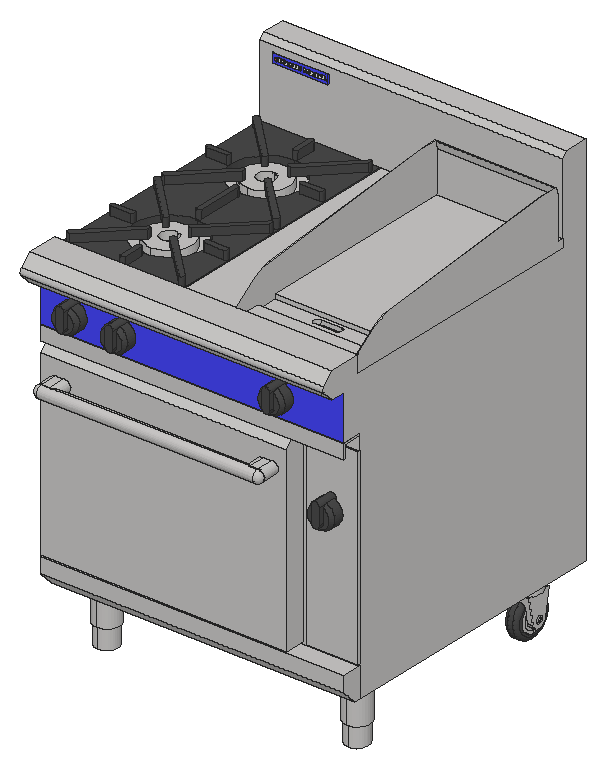
Revit family "QF_MOFFAT_BLUESEAL_CE_G54C", category Specialty Equipment, Revit 2012
Parameters
  Width = 750 mm  # constant formula
  Weight in Pounds = 399
  Watts = 130 W
  Volts = 230 V
  URL Cutsheet = "www.moffat.com"
  URL = "www.moffat.com"
  Type Mark [instance] = ""
  Status [instance] = ""
  Specification by User [instance] = ""
  Specification by Manufacturer = ""
  Show Logo [instance] = yes
  Show Clearance [instance] = yes
  Show Casters [instance] = yes
  Serial Number = ""
  Seismic Rating = ""
  SMACNA No = ""
  Revision Code [instance] = ""
  Phase = 1
  Omniclass Number and Title = ""
  Number of Poles [instance] = 1
  NAFEM Spec ID Number = ""
  Model = "G54C"
  Min Ckt Ampacity = 0 A
  Mechanical Remarks [instance] = ""
  Mechanical Connection Type [instance] = ""
  Max Overcurrent Protection = 0 A
  Masterspec = ""
  Manufacturer = "MOFFAT BLUESEAL"
  Legs [instance] = not(Show Casters)  # no
  Item Number [instance] = ""
  Installed By [instance] = ""
  Identify Quantity as Lot [instance] = yes
  Height = 1085 mm  # constant formula
  HP = ""
  Gas Size = 3/4"
  Gas RI Height [instance] = 0 mm
  Gas KW [instance] = 29
  Gas Input [instance] = 98500.0 Btu/h
  Gas Connection Height = 0 mm
  Furnished By [instance] = ""
  Foodservice Equipment Identifier [instance] = yes
  FL Amps = 0.6 A
  Electrical Remarks = ""
  Electric Connection Type = ""
  Elec Conn RI Height = 0 mm
  Elec Conn Connection Height = 0 mm
  Description = "750MM GAS RANGE WITH CONVECTION OVEN"
  Depth = 812 mm  # constant formula
  Cycle = 60 Hz
  Conn Plug = ""
  Conn Conduit = yes
  CSI MasterFormat = ""
  CSI Master Format = ""
  Apparent Power = 0 VA
Reference planes
  plane 1 "BACK": y = 0
  plane 2: z = 0
  plane 3 "LEFT": x = 0
  plane 4 "RIGHT": x = 750
  plane 5 "FRONT": y = -812
  plane 6 "TOP": z = 970
  plane 7 "Center Y": x = 375
  plane 8 "Center X": y = -406
  plane 9: y = -100
  plane 10 "Base Height": z = 150
  plane 11: x = 65.8
  plane 12: x = 620
  plane 13: x = 685
  plane 14: y = -500
  plane 15: x = 676
  plane 16: z = 1085
Forms (mm)
  Extrusion 1, solid, material "QF_Finishes_Stainless Steel"
    sketch origin (0, 0, 0) x (0, 1, 0) y (0, 0, 1)
      loop
        line (-784.97, 850) -> (-749, 850) -> (-749, 740) -> (-699, 740) -> (-699, 150) -> (0, 150) -> (0, 1085) -> (-57.5, 1085) -> (-70, 1072.5) -> (-70, 875) -> (-705, 875) -> (-705, 915) -> (-783.97, 915) -> (-808.469, 890.501)
        arc (-808.469, 890.501) -> (-811.99, 882) -> (-808.469, 873.499) r 12.022
        line (-808.469, 873.499) -> (-784.97, 850)
    from 0 to 750
  Extrusion 2, solid, material "QF_Finishes_Stainless Steel"
    sketch origin (555.062, 3, 100) x (1, 0, 0) y (0, 1, 0)
      loop
        circle (65, -35) r 13.5
    from 555 to 640
  Revolve 3, solid, material "QF_Finishes_Stainless Steel"
    sketch origin (65, -728, 0) x (0, 1, 0) y (0, 0, 1)
      loop
        line (71.25, 150) -> (71.25, 50) -> (75.5, 50) -> (75.5, 0) -> (103, 0) -> (103, 150) -> (71.25, 150)
      axis (103, 150) -> (103, 0)
    angle from 0 to 360
  Extrusion 4, solid, material "QF_Finishes_Black"
    sketch origin (0, -70, 875) x (0, -1, 0) y (1, 0, 0)
      loop
        arc (1, 4) -> (1.879, 1.879) -> (4, 1) r 3
        line (4, 1) -> (632, 1)
        arc (632, 1) -> (634.121, 1.879) -> (635, 4) r 3
        line (635, 4) -> (635, 297)
        arc (635, 297) -> (634.121, 299.121) -> (632, 300) r 3
        line (632, 300) -> (4, 300)
        arc (4, 300) -> (1.879, 299.121) -> (1, 297) r 3
        line (1, 297) -> (1, 4)
      loop
        circle (167.5, 150) r 85
      loop
        circle (467.768, 150) r 85
    from 0 to 19.5
  Extrusion 5, solid, material "QF_Finishes_Black"
    sketch origin (0, -73.5, 894.5) x (0, -1, 0) y (1, 0, 0)
      loop
        spline (323.602, 15.153) -> (322.681, 13.924) -> (322.131, 12.47) -> (321.99, 10.89) -> (322.267, 9.292) -> (322.943, 7.786) -> (323.973, 6.473) -> (325.286, 5.443) -> (326.792, 4.767) -> (328.39, 4.49) -> (329.97, 4.631) -> (331.424, 5.181) -> (332.653, 6.102)
        line (332.653, 6.102) -> (440.576, 114.025)
        spline (440.576, 114.025) -> (441.337, 115.095) -> (441.738, 116.399) -> (441.751, 117.851) -> (441.375, 119.35) -> (440.637, 120.795) -> (439.586, 122.086) -> (438.295, 123.137) -> (436.85, 123.875) -> (435.351, 124.251) -> (433.899, 124.238) -> (432.595, 123.837) -> (431.525, 123.076)
        line (431.525, 123.076) -> (323.602, 15.153)
      loop
        spline (371.852, 143.6) -> (373.146, 143.818) -> (374.352, 144.457) -> (375.388, 145.475) -> (376.182, 146.8) -> (376.682, 148.344) -> (376.852, 150) -> (376.682, 151.656) -> (376.182, 153.2) -> (375.388, 154.525) -> (374.352, 155.543) -> (373.146, 156.182) -> (371.852, 156.4)
        line (371.852, 156.4) -> (259.398, 156.4)
        spline (259.398, 156.4) -> (258.104, 156.182) -> (256.898, 155.543) -> (255.862, 154.525) -> (255.068, 153.2) -> (254.568, 151.656) -> (254.398, 150) -> (254.568, 148.344) -> (255.068, 146.8) -> (255.862, 145.475) -> (256.898, 144.457) -> (258.104, 143.818) -> (259.398, 143.6)
        line (259.398, 143.6) -> (371.852, 143.6)
      loop
        line (311.398, 15.153) -> (203.475, 123.076)
        spline (203.475, 123.076) -> (202.405, 123.837) -> (201.101, 124.238) -> (199.649, 124.251) -> (198.15, 123.875) -> (196.705, 123.137) -> (195.414, 122.086) -> (194.363, 120.795) -> (193.625, 119.35) -> (193.249, 117.851) -> (193.262, 116.399) -> (193.663, 115.095) -> (194.424, 114.025)
        line (194.424, 114.025) -> (302.347, 6.102)
        spline (302.347, 6.102) -> (303.416, 5.341) -> (304.721, 4.941) -> (306.172, 4.928) -> (307.671, 5.303) -> (309.116, 6.041) -> (310.408, 7.092) -> (311.459, 8.384) -> (312.197, 9.829) -> (312.572, 11.328) -> (312.559, 12.779) -> (312.159, 14.084) -> (311.398, 15.153)
      loop
        line (323.602, 284.847) -> (431.525, 176.924)
        spline (431.525, 176.924) -> (432.595, 176.163) -> (433.899, 175.762) -> (435.351, 175.749) -> (436.85, 176.125) -> (438.295, 176.863) -> (439.586, 177.914) -> (440.637, 179.205) -> (441.375, 180.65) -> (441.751, 182.149) -> (441.738, 183.601) -> (441.337, 184.905) -> (440.576, 185.975)
        line (440.576, 185.975) -> (332.653, 293.898)
        spline (332.653, 293.898) -> (331.424, 294.819) -> (329.97, 295.369) -> (328.39, 295.51) -> (326.792, 295.233) -> (325.286, 294.557) -> (323.973, 293.527) -> (322.943, 292.214) -> (322.267, 290.708) -> (321.99, 289.11) -> (322.131, 287.53) -> (322.681, 286.076) -> (323.602, 284.847)
      loop
        spline (311.398, 284.847) -> (312.159, 285.916) -> (312.559, 287.221) -> (312.572, 288.672) -> (312.197, 290.171) -> (311.459, 291.616) -> (310.408, 292.908) -> (309.116, 293.959) -> (307.671, 294.697) -> (306.172, 295.072) -> (304.721, 295.059) -> (303.416, 294.659) -> (302.347, 293.898)
        line (302.347, 293.898) -> (194.424, 185.975)
        spline (194.424, 185.975) -> (193.663, 184.905) -> (193.262, 183.601) -> (193.249, 182.149) -> (193.625, 180.65) -> (194.363, 179.205) -> (195.414, 177.914) -> (196.705, 176.863) -> (198.15, 176.125) -> (199.649, 175.749) -> (201.101, 175.762) -> (202.405, 176.163) -> (203.475, 176.924)
        line (203.475, 176.924) -> (311.398, 284.847)
      loop
        spline (73.549, 143.6) -> (74.844, 143.818) -> (76.049, 144.457) -> (77.085, 145.475) -> (77.88, 146.8) -> (78.379, 148.344) -> (78.549, 150) -> (78.379, 151.656) -> (77.88, 153.2) -> (77.085, 154.525) -> (76.049, 155.543) -> (74.844, 156.182) -> (73.549, 156.4)
        line (73.549, 156.4) -> (25.093, 156.4)
        spline (25.093, 156.4) -> (23.799, 156.182) -> (22.593, 155.543) -> (21.558, 154.525) -> (20.763, 153.2) -> (20.264, 151.656) -> (20.093, 150) -> (20.264, 148.344) -> (20.763, 146.8) -> (21.558, 145.475) -> (22.593, 144.457) -> (23.799, 143.818) -> (25.093, 143.6)
        line (25.093, 143.6) -> (73.549, 143.6)
      loop
        spline (608.1, 143.6) -> (609.394, 143.818) -> (610.6, 144.457) -> (611.636, 145.475) -> (612.43, 146.8) -> (612.93, 148.344) -> (613.1, 150) -> (612.93, 151.656) -> (612.43, 153.2) -> (611.636, 154.525) -> (610.6, 155.543) -> (609.394, 156.182) -> (608.1, 156.4)
        line (608.1, 156.4) -> (558.644, 156.4)
        spline (558.644, 156.4) -> (557.35, 156.182) -> (556.144, 155.543) -> (555.108, 154.525) -> (554.314, 153.2) -> (553.814, 151.656) -> (553.644, 150) -> (553.814, 148.344) -> (554.314, 146.8) -> (555.108, 145.475) -> (556.144, 144.457) -> (557.35, 143.818) -> (558.644, 143.6)
        line (558.644, 143.6) -> (608.1, 143.6)
      loop
        spline (457.6, 10.156) -> (457.818, 8.862) -> (458.457, 7.656) -> (459.475, 6.62) -> (460.8, 5.826) -> (462.344, 5.326) -> (464, 5.156) -> (465.656, 5.326) -> (467.2, 5.826) -> (468.525, 6.62) -> (469.543, 7.656) -> (470.182, 8.862) -> (470.4, 10.156)
        line (470.4, 10.156) -> (470.4, 58.612)
        spline (470.4, 58.612) -> (470.182, 59.906) -> (469.543, 61.112) -> (468.525, 62.148) -> (467.2, 62.942) -> (465.656, 63.442) -> (464, 63.612) -> (462.344, 63.442) -> (460.8, 62.942) -> (459.475, 62.148) -> (458.457, 61.112) -> (457.818, 59.906) -> (457.6, 58.612)
        line (457.6, 58.612) -> (457.6, 10.156)
      loop
        spline (160.966, 10.156) -> (161.184, 8.862) -> (161.823, 7.656) -> (162.841, 6.62) -> (164.166, 5.826) -> (165.71, 5.326) -> (167.366, 5.156) -> (169.022, 5.326) -> (170.566, 5.826) -> (171.892, 6.62) -> (172.909, 7.656) -> (173.548, 8.862) -> (173.766, 10.156)
        line (173.766, 10.156) -> (173.766, 58.612)
        spline (173.766, 58.612) -> (173.548, 59.906) -> (172.909, 61.112) -> (171.892, 62.148) -> (170.566, 62.942) -> (169.022, 63.442) -> (167.366, 63.612) -> (165.71, 63.442) -> (164.166, 62.942) -> (162.841, 62.148) -> (161.823, 61.112) -> (161.184, 59.906) -> (160.966, 58.612)
        line (160.966, 58.612) -> (160.966, 10.156)
      loop
        spline (457.6, 241.636) -> (457.818, 240.342) -> (458.457, 239.136) -> (459.475, 238.1) -> (460.8, 237.306) -> (462.344, 236.806) -> (464, 236.636) -> (465.656, 236.806) -> (467.2, 237.306) -> (468.525, 238.1) -> (469.543, 239.136) -> (470.182, 240.342) -> (470.4, 241.636)
        line (470.4, 241.636) -> (470.4, 290.092)
        spline (470.4, 290.092) -> (470.182, 291.386) -> (469.543, 292.592) -> (468.525, 293.628) -> (467.2, 294.422) -> (465.656, 294.922) -> (464, 295.092) -> (462.344, 294.922) -> (460.8, 294.422) -> (459.475, 293.628) -> (458.457, 292.592) -> (457.818, 291.386) -> (457.6, 290.092)
        line (457.6, 290.092) -> (457.6, 241.636)
      loop
        spline (160.966, 241.636) -> (161.184, 240.342) -> (161.823, 239.136) -> (162.841, 238.1) -> (164.166, 237.306) -> (165.71, 236.806) -> (167.366, 236.636) -> (169.022, 236.806) -> (170.566, 237.306) -> (171.892, 238.1) -> (172.909, 239.136) -> (173.548, 240.342) -> (173.766, 241.636)
        line (173.766, 241.636) -> (173.766, 290.092)
        spline (173.766, 290.092) -> (173.548, 291.386) -> (172.909, 292.592) -> (171.892, 293.628) -> (170.566, 294.422) -> (169.022, 294.922) -> (167.366, 295.092) -> (165.71, 294.922) -> (164.166, 294.422) -> (162.841, 293.628) -> (161.823, 292.592) -> (161.184, 291.386) -> (160.966, 290.092)
        line (160.966, 290.092) -> (160.966, 241.636)
      loop
        line (604.398, 15.153) -> (496.475, 123.076)
        spline (496.475, 123.076) -> (495.405, 123.837) -> (494.101, 124.238) -> (492.649, 124.251) -> (491.15, 123.875) -> (489.705, 123.137) -> (488.414, 122.086) -> (487.363, 120.795) -> (486.625, 119.35) -> (486.249, 117.851) -> (486.262, 116.399) -> (486.663, 115.095) -> (487.424, 114.025)
        line (487.424, 114.025) -> (595.347, 6.102)
        spline (595.347, 6.102) -> (596.576, 5.181) -> (598.03, 4.631) -> (599.61, 4.49) -> (601.208, 4.767) -> (602.714, 5.443) -> (604.027, 6.473) -> (605.057, 7.786) -> (605.733, 9.292) -> (606.01, 10.89) -> (605.869, 12.47) -> (605.319, 13.924) -> (604.398, 15.153)
      loop
        spline (604.398, 284.847) -> (605.319, 286.076) -> (605.869, 287.53) -> (606.01, 289.11) -> (605.733, 290.708) -> (605.057, 292.214) -> (604.027, 293.527) -> (602.714, 294.557) -> (601.208, 295.233) -> (599.61, 295.51) -> (598.03, 295.369) -> (596.576, 294.819) -> (595.347, 293.898)
        line (595.347, 293.898) -> (487.424, 185.975)
        spline (487.424, 185.975) -> (486.663, 184.905) -> (486.262, 183.601) -> (486.249, 182.149) -> (486.625, 180.65) -> (487.363, 179.205) -> (488.414, 177.914) -> (489.705, 176.863) -> (491.15, 176.125) -> (492.649, 175.749) -> (494.101, 175.762) -> (495.405, 176.163) -> (496.475, 176.924)
        line (496.475, 176.924) -> (604.398, 284.847)
      loop
        spline (16.602, 15.153) -> (15.841, 14.084) -> (15.441, 12.779) -> (15.428, 11.328) -> (15.803, 9.829) -> (16.541, 8.384) -> (17.592, 7.092) -> (18.884, 6.041) -> (20.329, 5.303) -> (21.828, 4.928) -> (23.279, 4.941) -> (24.584, 5.341) -> (25.653, 6.102)
        line (25.653, 6.102) -> (133.576, 114.025)
        spline (133.576, 114.025) -> (134.337, 115.095) -> (134.738, 116.399) -> (134.751, 117.851) -> (134.375, 119.35) -> (133.637, 120.795) -> (132.586, 122.086) -> (131.295, 123.137) -> (129.85, 123.875) -> (128.351, 124.251) -> (126.899, 124.238) -> (125.595, 123.837) -> (124.525, 123.076)
        line (124.525, 123.076) -> (16.602, 15.153)
      loop
        line (16.602, 284.847) -> (124.525, 176.924)
        spline (124.525, 176.924) -> (125.595, 176.163) -> (126.899, 175.762) -> (128.351, 175.749) -> (129.85, 176.125) -> (131.295, 176.863) -> (132.586, 177.914) -> (133.637, 179.205) -> (134.375, 180.65) -> (134.751, 182.149) -> (134.738, 183.601) -> (134.337, 184.905) -> (133.576, 185.975)
        line (133.576, 185.975) -> (25.653, 293.898)
        spline (25.653, 293.898) -> (24.584, 294.659) -> (23.279, 295.059) -> (21.828, 295.072) -> (20.329, 294.697) -> (18.884, 293.959) -> (17.592, 292.908) -> (16.541, 291.616) -> (15.803, 290.171) -> (15.428, 288.672) -> (15.441, 287.221) -> (15.841, 285.916) -> (16.602, 284.847)
    from 0 to 20.5
  Revolve 6, solid, material "QF_Finishes_Stainless Steel"
    sketch origin (685, -728, 0) x (0, 1, 0) y (0, 0, -1)
      loop
        line (71.25, -150) -> (103, -150) -> (103, 0) -> (75.5, 0) -> (75.5, -50) -> (71.25, -50) -> (71.25, -150)
      axis (103, -150) -> (103, 0)
    angle from 0 to 360
  Extrusion 7, solid, material "QF_Finishes_Stainless Steel"
    sketch origin (0, -70, 875) x (0, -1, 0) y (1, 0, 0)
      loop
        line (634, 300) -> (634, 450) -> (0, 450) -> (0, 300) -> (634, 300)
    from 0 to 19.5
  Extrusion 8, void
    sketch origin (0, -749, 227.5) x (0, 0, -1) y (-1, 0, 0)
      loop
        line (-465, -610) -> (-465, -625) -> (0, -625) -> (0, -610) -> (-465, -610)
    from 0 to 50
  Revolve 9, solid, material "QF_Finishes_Black"
    sketch origin (210, 7, 758.895) x (0, -1, 0) y (0, 0, 1)
      loop
        line (789, 69.605) -> (766, 69.605) -> (766, 42.105) -> (756, 42.105) -> (756, 37.105) -> (800, 37.105) -> (800, 63.757) -> (789, 69.605)
      axis (800, 37.105) -> (756, 37.105)
    angle from 0 to 360
  Revolve 10, solid, material "QF_Finishes_Black"
    sketch origin (89.999, 7, 758.768) x (0, 1, 0) y (0, 0, -1)
      loop
        line (-789, -69.5) -> (-766, -69.5) -> (-766, -42) -> (-756, -42) -> (-756, -37) -> (-800, -37) -> (-800, -63.651) -> (-789, -69.5)
      axis (-800, -37) -> (-756, -37)
    angle from 0 to 360
  Extrusion 11, solid, material "QF_Finishes_Black"
    sketch origin (228.269, 7, 758.926) x (-1, 0, 0) y (0, 0, -1)
      loop
        arc (148.269, -24.969) -> (138.269, -14.969) -> (128.269, -24.969) r 10
        line (128.269, -24.969) -> (128.269, -63.969)
        arc (128.269, -63.969) -> (138.269, -73.969) -> (148.269, -63.969) r 10
        line (148.269, -63.969) -> (148.269, -24.969)
    from 759 to 808
  Extrusion 12, solid, material "QF_Finishes_Black"
    sketch origin (349.45, 7, 758.926) x (-1, 0, 0) y (0, 0, -1)
      loop
        arc (148.269, -24.969) -> (138.269, -14.969) -> (128.269, -24.969) r 10
        line (128.269, -24.969) -> (128.269, -63.969)
        arc (128.269, -63.969) -> (138.269, -73.969) -> (148.269, -63.969) r 10
        line (148.269, -63.969) -> (148.269, -24.969)
    from 759 to 808
  Revolve 13, solid, material "QF_Finishes_Black"
    sketch origin (600, 7, 758.768) x (0, 1, 0) y (0, 0, 1)
      loop
        line (-789, 69.5) -> (-800, 63.651) -> (-800, 37) -> (-756, 37) -> (-756, 42) -> (-766, 42) -> (-766, 69.5) -> (-789, 69.5)
      axis (-800, 37) -> (-756, 37)
    angle from 0 to 360
  Extrusion 14, solid, material "QF_Finishes_Black"
    sketch origin (461.73, 7, 758.926) x (1, 0, 0) y (0, 0, 1)
      loop
        line (148.269, 24.969) -> (148.269, 63.969)
        arc (148.269, 63.969) -> (138.269, 73.969) -> (128.269, 63.969) r 10
        line (128.269, 63.969) -> (128.269, 24.969)
        arc (128.269, 24.969) -> (138.269, 14.969) -> (148.269, 24.969) r 10
    from 759 to 808
  Revolve 15, solid, material "QF_Finishes_Black"
    sketch origin (687.53, 51.5, 355.134) x (0, 1, 0) y (0, 0, 1)
      loop
        line (-789, 229.5) -> (-800, 223.651) -> (-800, 197) -> (-756, 197) -> (-756, 202) -> (-766, 202) -> (-766, 229.5) -> (-789, 229.5)
      axis (-800, 197) -> (-756, 197)
    angle from 0 to 360
  Extrusion 16, solid, material "QF_Finishes_Black"
    sketch origin (549.26, 51.5, 355.292) x (1, 0, 0) y (0, 0, 1)
      loop
        line (148.269, 184.969) -> (148.269, 223.969)
        arc (148.269, 223.969) -> (138.269, 233.969) -> (128.269, 223.969) r 10
        line (128.269, 223.969) -> (128.269, 184.969)
        arc (128.269, 184.969) -> (138.269, 174.969) -> (148.269, 184.969) r 10
    from 759 to 808
  Extrusion 17, solid, material "QF_Door-Drawer Clearances", visible <- "Show Clearance", detail levels coarse
    sketch origin (0, 7, 0) x (0, -1, 0) y (0, 0, 1)
      loop
        line (756, 690.016) -> (756, 227.5) -> (1218.516, 227.5)
        arc (1218.516, 227.5) -> (1083.048, 554.548) -> (756, 690.016) r 462.516
    from 0 to -610
  Extrusion 18, void
    sketch origin (0, 0, 150) x (-1, 0, 0) y (0, -1, 0)
      loop
        line (-681, 87.26) -> (-681, -30.24) -> (-551.5, -30.24) -> (-551.5, 38.76) -> (-600, 87.26) -> (-681, 87.26)
    from 72.5 to 590
  Extrusion 19, void
    sketch origin (35, -740, 227.5) x (0, 0, -1) y (-1, 0, 0)
      loop
        line (-472.5, -590) -> (-472.5, -715) -> (0, -715) -> (0, -590) -> (-472.5, -590)
    from -9 to 35
  Extrusion 20, solid, material "QF_Finishes_Stainless Steel"
    sketch origin (0, -70, 875) x (0, -1, 0) y (1, 0, 0)
      loop
        circle (467.5, 150) r 57
      loop
        circle (167.5, 150) r 57
      loop
        circle (467.5, 150) r 22
      loop
        circle (167.5, 150) r 22
    from 0 to 19.5
  Extrusion 21, solid, material "QF_Finishes_Stainless Steel"
    sketch origin (0, -749, 227.5) x (0, 0, 1) y (-1, 0, 0)
      loop
        line (380.625, -38.246) -> (380.625, -58.528)
        arc (380.625, -58.528) -> (395.625, -73.528) -> (410.625, -58.528) r 15
        line (410.625, -58.528) -> (410.625, -38.246)
        arc (410.625, -38.246) -> (395.625, -23.246) -> (380.625, -38.246) r 15
      loop
        arc (380.625, -573.039) -> (395.625, -588.039) -> (410.625, -573.039) r 15
        line (410.625, -573.039) -> (410.625, -552.757)
        arc (410.625, -552.757) -> (395.625, -537.757) -> (380.625, -552.757) r 15
        line (380.625, -552.757) -> (380.625, -573.039)
    from 0 to 44
  Revolve 22, solid, material "QF_Finishes_Stainless Steel"
    sketch origin (0, -793, 0) x (1, 0, 0) y (0, 0, 1)
      loop
        arc (588.039, 623.125) -> (583.646, 633.732) -> (573.039, 638.125) r 15
        line (573.039, 638.125) -> (38.246, 638.125)
        arc (38.246, 638.125) -> (27.64, 633.732) -> (23.246, 623.125) r 15
        line (23.246, 623.125) -> (588.039, 623.125)
      axis (588.039, 623.125) -> (23.246, 623.125)
    angle from 0 to 360
  Extrusion 23, solid, material "QF_Finishes_Stainless Steel"
    sketch origin (0, 9, 0) x (0, 1, 0) y (0, 0, 1)
      loop
        line (-708, 227.5) -> (-708, 700) -> (-734, 700) -> (-758, 676) -> (-758, 227.5) -> (-708, 227.5)
    from 0 to 750
  Extrusion 24, solid, material "QF_Finishes_Stainless Steel"
    sketch origin (0, 7, 0) x (0, 1, 0) y (0, 0, 1)
      loop
        line (-756, 738) -> (-756, 703) -> (-752.98, 703) -> (-752.98, 735) -> (-708, 735) -> (-708, 738) -> (-756, 738)
    from 0 to 750
  Extrusion 25, solid, material "QF_Finishes_Stainless Steel"
    sketch origin (0, 9, 0) x (0, 1, 0) y (0, 0, 1)
      loop
        line (-708, 222.5) -> (-758, 222.5) -> (-758, 186) -> (-722, 150) -> (-708, 150) -> (-708, 222.5)
    from 0 to 750
  Extrusion 26, solid, material "QF_Finishes_Stainless Steel"
    sketch origin (0, 0, 150) x (-1, 0, 0) y (0, -1, 0)
      loop
        circle (-676, 501) r 6.35
    from 0 to -1.6
  Extrusion 27, solid, material "QF_Finishes_Stainless Steel", visible <- "Show Casters"
    sketch origin (71.501, 133.353, -8.783) x (0, 1, 0) y (0, 0, 1)
      loop
        line (-201.603, 118.783) -> (-265.103, 118.783) -> (-252.746, 53.895)
        arc (-252.746, 53.895) -> (-233.353, 38.783) -> (-213.959, 53.895) r 20
        line (-213.959, 53.895) -> (-201.603, 118.783)
    from -35.667 to 22.923
  Revolve 28, solid, material "QF_Finishes_Stainless Steel", visible <- "Show Casters"
    sketch origin (65, -203, 0) x (0, 1, 0) y (0, 0, 1)
      loop
        line (67.25, 150) -> (67.25, 110) -> (103, 110) -> (103, 150) -> (67.25, 150)
      axis (103, 150) -> (103, 110)
    angle from 0 to 360
  Revolve 29, solid, material "QF_Finishes_Stainless Steel", visible <- "Show Casters"
    sketch origin (685, -203, 0) x (0, 1, 0) y (0, 0, -1)
      loop
        line (67.25, -150) -> (103, -150) -> (103, -110) -> (67.25, -110) -> (67.25, -150)
      axis (103, -150) -> (103, -110)
    angle from 0 to 360
  Revolve 30, solid, material "QF_Finishes_Stainless Steel", visible <- "Show Casters"
    sketch origin (635.776, -99.755, -13.653) x (1, 0, 0) y (0, 0, 1)
      loop
        line (14.841, 64.453) -> (83.584, 64.453) -> (83.584, 67.958) -> (82.314, 69.228) -> (80.79, 69.228) -> (80.79, 72.674) -> (68.644, 72.674) -> (68.644, 82.639) -> (65.088, 84.692) -> (63.738, 93.028) -> (65.881, 93.028) -> (65.881, 99.378) -> (65.088, 99.378) -> (65.088, 105.728)
        arc (65.088, 105.728) -> (62.298, 112.463) -> (55.563, 115.253) r 9.525
        line (55.563, 115.253) -> (42.863, 115.253)
        arc (42.863, 115.253) -> (36.127, 112.463) -> (33.338, 105.728) r 9.525
        line (33.338, 105.728) -> (33.338, 99.378) -> (32.544, 99.378) -> (32.544, 93.028) -> (34.687, 93.028) -> (33.352, 84.781) -> (29.782, 82.719) -> (29.782, 72.674) -> (17.635, 72.674) -> (17.635, 69.228) -> (16.111, 69.228) -> (14.841, 67.958) -> (14.841, 64.453)
      axis (14.841, 64.453) -> (83.584, 64.453)
    angle from 0 to 360
  Extrusion 31, solid, material "QF_Finishes_Stainless Steel", visible <- "Show Casters"
    sketch origin (691.501, 133.353, -8.783) x (0, 1, 0) y (0, 0, 1)
      loop
        line (-201.603, 118.783) -> (-265.103, 118.783) -> (-252.746, 53.895)
        arc (-252.746, 53.895) -> (-233.353, 38.783) -> (-213.959, 53.895) r 20
        line (-213.959, 53.895) -> (-201.603, 118.783)
    from -35.667 to 22.923
  Revolve 32, solid, material "QF_Finishes_Stainless Steel", visible <- "Legs"
    sketch origin (65, -165, 0) x (0, 1, 0) y (0, 0, 1)
      loop
        line (33.25, 150) -> (33.25, 50) -> (37.5, 50) -> (37.5, 0) -> (65, 0) -> (65, 150) -> (33.25, 150)
      axis (65, 150) -> (65, 0)
    angle from 0 to 360
  Revolve 33, solid, material "QF_Finishes_Stainless Steel", visible <- "Legs"
    sketch origin (685, -165, 0) x (0, 1, 0) y (0, 0, -1)
      loop
        line (33.25, -150) -> (65, -150) -> (65, 0) -> (37.5, 0) -> (37.5, -50) -> (33.25, -50) -> (33.25, -150)
      axis (65, -150) -> (65, 0)
    angle from 0 to 360
  Revolve 34, solid, material "QF_Finishes_Stainless Steel", visible <- "Show Casters"
    sketch origin (114.224, -99.755, -13.653) x (-1, 0, 0) y (0, 0, -1)
      loop
        line (14.841, -64.453) -> (14.841, -67.958) -> (16.111, -69.228) -> (17.635, -69.228) -> (17.635, -72.674) -> (29.782, -72.674) -> (29.782, -82.719) -> (33.352, -84.781) -> (34.687, -93.028) -> (32.544, -93.028) -> (32.544, -99.378) -> (33.338, -99.378) -> (33.338, -105.728)
        arc (33.338, -105.728) -> (36.127, -112.463) -> (42.863, -115.253) r 9.525
        line (42.863, -115.253) -> (55.563, -115.253)
        arc (55.563, -115.253) -> (62.298, -112.463) -> (65.088, -105.728) r 9.525
        line (65.088, -105.728) -> (65.088, -99.378) -> (65.881, -99.378) -> (65.881, -93.028) -> (63.738, -93.028) -> (65.088, -84.692) -> (68.644, -82.639) -> (68.644, -72.674) -> (80.79, -72.674) -> (80.79, -69.228) -> (82.314, -69.228) -> (83.584, -67.958) -> (83.584, -64.453) -> (14.841, -64.453)
      axis (14.841, -64.453) -> (83.584, -64.453)
    angle from 0 to 360
Cuts and joins
  Extrusion 8, Extrusion 18, Extrusion 19 cuts Extrusion 1
  Extrusion 8, Extrusion 19 cuts Extrusion 23
Lines and regions (mm)
  Split face 1
    outline origin (0, -70, 894.5) x (0, -1, 0) y (1, 0, 0)
      loop
        circle (45.037, 327.576) r 8
  Split face 2
    outline origin (47.424, -70, 894.5) x (0, -1, 0) y (1, 0, 0)
      loop
        circle (45.037, 327.576) r 8
  Split face 3
    outline origin (750, -70, 894.5) x (0, -1, 0) y (1, 0, 0)
      loop
        circle (45.037, -327.576) r 8
  Split face 4
    outline origin (0, -104, 894.5) x (0, -1, 0) y (1, 0, 0)
      loop
        circle (45.037, 327.576) r 8
  Split face 5
    outline origin (47.424, -104, 894.5) x (0, -1, 0) y (1, 0, 0)
      loop
        circle (45.037, 327.576) r 8
  Split face 6
    outline origin (750, -104, 894.5) x (0, -1, 0) y (1, 0, 0)
      loop
        circle (45.037, -327.576) r 8
  Split face 7
    outline origin (0, -138, 894.5) x (0, -1, 0) y (1, 0, 0)
      loop
        circle (45.037, 327.576) r 8
  Split face 8
    outline origin (47.424, -138, 894.5) x (0, -1, 0) y (1, 0, 0)
      loop
        circle (45.037, 327.576) r 8
  Split face 9
    outline origin (750, -138, 894.5) x (0, -1, 0) y (1, 0, 0)
      loop
        circle (45.037, -327.576) r 8
  Split face 10
    outline origin (0, -172, 894.5) x (0, -1, 0) y (1, 0, 0)
      loop
        circle (45.037, 327.576) r 8
  Split face 11
    outline origin (47.424, -172, 894.5) x (0, -1, 0) y (1, 0, 0)
      loop
        circle (45.037, 327.576) r 8
  Split face 12
    outline origin (750, -172, 894.5) x (0, -1, 0) y (1, 0, 0)
      loop
        circle (45.037, -327.576) r 8
  Split face 13
    outline origin (0, -206, 894.5) x (0, -1, 0) y (1, 0, 0)
      loop
        circle (45.037, 327.576) r 8
  Split face 14
    outline origin (47.424, -206, 894.5) x (0, -1, 0) y (1, 0, 0)
      loop
        circle (45.037, 327.576) r 8
  Split face 15
    outline origin (750, -206, 894.5) x (0, -1, 0) y (1, 0, 0)
      loop
        circle (45.037, -327.576) r 8
  Split face 16
    outline origin (0, -240, 894.5) x (0, -1, 0) y (1, 0, 0)
      loop
        circle (45.037, 327.576) r 8
  Split face 17
    outline origin (47.424, -240, 894.5) x (0, -1, 0) y (1, 0, 0)
      loop
        circle (45.037, 327.576) r 8
  Split face 18
    outline origin (750, -240, 894.5) x (0, -1, 0) y (1, 0, 0)
      loop
        circle (45.037, -327.576) r 8
  Split face 19
    outline origin (0, -274, 894.5) x (0, -1, 0) y (1, 0, 0)
      loop
        circle (45.037, 327.576) r 8
  Split face 20
    outline origin (47.424, -274, 894.5) x (0, -1, 0) y (1, 0, 0)
      loop
        circle (45.037, 327.576) r 8
  Split face 21
    outline origin (750, -274, 894.5) x (0, -1, 0) y (1, 0, 0)
      loop
        circle (45.037, -327.576) r 8
  Split face 22
    outline origin (0, -308, 894.5) x (0, -1, 0) y (1, 0, 0)
      loop
        circle (45.037, 327.576) r 8
  Split face 23
    outline origin (47.424, -308, 894.5) x (0, -1, 0) y (1, 0, 0)
      loop
        circle (45.037, 327.576) r 8
  Split face 24
    outline origin (750, -308, 894.5) x (0, -1, 0) y (1, 0, 0)
      loop
        circle (45.037, -327.576) r 8
  Split face 25
    outline origin (0, -342, 894.5) x (0, -1, 0) y (1, 0, 0)
      loop
        circle (45.037, 327.576) r 8
  Split face 26
    outline origin (47.424, -342, 894.5) x (0, -1, 0) y (1, 0, 0)
      loop
        circle (45.037, 327.576) r 8
  Split face 27
    outline origin (750, -342, 894.5) x (0, -1, 0) y (1, 0, 0)
      loop
        circle (45.037, -327.576) r 8
  Split face 28
    outline origin (0, -376, 894.5) x (0, -1, 0) y (1, 0, 0)
      loop
        circle (45.037, 327.576) r 8
  Split face 29
    outline origin (47.424, -376, 894.5) x (0, -1, 0) y (1, 0, 0)
      loop
        circle (45.037, 327.576) r 8
  Split face 30
    outline origin (750, -376, 894.5) x (0, -1, 0) y (1, 0, 0)
      loop
        circle (45.037, -327.576) r 8
  Split face 31
    outline origin (0, -410, 894.5) x (0, -1, 0) y (1, 0, 0)
      loop
        circle (45.037, 327.576) r 8
  Split face 32
    outline origin (47.424, -410, 894.5) x (0, -1, 0) y (1, 0, 0)
      loop
        circle (45.037, 327.576) r 8
  Split face 33
    outline origin (750, -410, 894.5) x (0, -1, 0) y (1, 0, 0)
      loop
        circle (45.037, -327.576) r 8
  Split face 34
    outline origin (0, -444, 894.5) x (0, -1, 0) y (1, 0, 0)
      loop
        circle (45.037, 327.576) r 8
  Split face 35
    outline origin (47.424, -444, 894.5) x (0, -1, 0) y (1, 0, 0)
      loop
        circle (45.037, 327.576) r 8
  Split face 36
    outline origin (750, -444, 894.5) x (0, -1, 0) y (1, 0, 0)
      loop
        circle (45.037, -327.576) r 8
  Split face 37
    outline origin (0, -478, 894.5) x (0, -1, 0) y (1, 0, 0)
      loop
        circle (45.037, 327.576) r 8
  Split face 38
    outline origin (47.424, -478, 894.5) x (0, -1, 0) y (1, 0, 0)
      loop
        circle (45.037, 327.576) r 8
  Split face 39
    outline origin (750, -478, 894.5) x (0, -1, 0) y (1, 0, 0)
      loop
        circle (45.037, -327.576) r 8
  Split face 40
    outline origin (0, -512, 894.5) x (0, -1, 0) y (1, 0, 0)
      loop
        circle (45.037, 327.576) r 8
  Split face 41
    outline origin (47.424, -512, 894.5) x (0, -1, 0) y (1, 0, 0)
      loop
        circle (45.037, 327.576) r 8
  Split face 42
    outline origin (750, -512, 894.5) x (0, -1, 0) y (1, 0, 0)
      loop
        circle (45.037, -327.576) r 8
  Split face 43
    outline origin (0, -546, 894.5) x (0, -1, 0) y (1, 0, 0)
      loop
        circle (45.037, 327.576) r 8
  Split face 44
    outline origin (47.424, -546, 894.5) x (0, -1, 0) y (1, 0, 0)
      loop
        circle (45.037, 327.576) r 8
  Split face 45
    outline origin (750, -546, 894.5) x (0, -1, 0) y (1, 0, 0)
      loop
        circle (45.037, -327.576) r 8
  Split face 46
    outline origin (0, -580, 894.5) x (0, -1, 0) y (1, 0, 0)
      loop
        circle (45.037, 327.576) r 8
  Split face 47
    outline origin (47.424, -580, 894.5) x (0, -1, 0) y (1, 0, 0)
      loop
        circle (45.037, 327.576) r 8
  Split face 48
    outline origin (750, -580, 894.5) x (0, -1, 0) y (1, 0, 0)
      loop
        circle (45.037, -327.576) r 8
  Split face 49
    outline origin (0, -614, 894.5) x (0, -1, 0) y (1, 0, 0)
      loop
        circle (45.037, 327.576) r 8
  Split face 50
    outline origin (47.424, -614, 894.5) x (0, -1, 0) y (1, 0, 0)
      loop
        circle (45.037, 327.576) r 8
  Split face 51
    outline origin (750, -614, 894.5) x (0, -1, 0) y (1, 0, 0)
      loop
        circle (45.037, -327.576) r 8
  Split face 52
    outline origin (750, 0, 1085) x (-1, 0, 0) y (0, -1, 0)
      loop
        arc (485.206, 45.385) -> (476.545, 40.385) -> (476.545, 30.385) r 10
        line (476.545, 30.385) -> (480.587, 23.385)
        arc (480.587, 23.385) -> (484.247, 19.725) -> (489.247, 18.385) r 10
        line (489.247, 18.385) -> (717.206, 18.385)
        arc (717.206, 18.385) -> (725.866, 23.385) -> (725.866, 33.385) r 10
        line (725.866, 33.385) -> (721.824, 40.385)
        arc (721.824, 40.385) -> (718.164, 44.045) -> (713.164, 45.385) r 10
        line (713.164, 45.385) -> (485.206, 45.385)
  Split face 53
    outline origin (750, 0, 1085) x (-1, 0, 0) y (0, -1, 0)
      loop
        arc (35.206, 45.385) -> (26.545, 40.385) -> (26.545, 30.385) r 10
        line (26.545, 30.385) -> (30.587, 23.385)
        arc (30.587, 23.385) -> (34.247, 19.725) -> (39.247, 18.385) r 10
        line (39.247, 18.385) -> (267.206, 18.385)
        arc (267.206, 18.385) -> (275.866, 23.385) -> (275.866, 33.385) r 10
        line (275.866, 33.385) -> (271.824, 40.385)
        arc (271.824, 40.385) -> (268.164, 44.045) -> (263.164, 45.385) r 10
        line (263.164, 45.385) -> (35.206, 45.385)
  symbolic lines
    curve 1: line (0, 0, 0) -> (0, -812, 0)
    curve 2: line (750, 0, 0) -> (0, 0, 0)
    curve 3: line (750, -812, 0) -> (750, 0, 0)
    curve 4: line (0, -812, 0) -> (750, -812, 0)
    curve 5: line (750, -705, 0) -> (0, -705, 0)
    curve 6: line (0, -70, 0) -> (750, -70, 0)
    curve 7: line (0, -391, 0) -> (300, -391, 0)
    curve 8: arc (327.576, -123.037, 0) -> (335.576, -115.037, 0) -> (327.576, -107.037, 0) r 8
    curve 9: arc (327.576, -107.037, 0) -> (319.576, -115.037, 0) -> (327.576, -123.037, 0) r 8
    curve 10: arc (375, -123.037, 0) -> (383, -115.037, 0) -> (375, -107.037, 0) r 8
    curve 11: arc (375, -107.037, 0) -> (367, -115.037, 0) -> (375, -123.037, 0) r 8
    curve 12: arc (422.424, -123.037, 0) -> (430.424, -115.037, 0) -> (422.424, -107.037, 0) r 8
    curve 13: arc (422.424, -107.037, 0) -> (414.424, -115.037, 0) -> (422.424, -123.037, 0) r 8
    curve 14: arc (327.576, -157.037, 0) -> (335.576, -149.037, 0) -> (327.576, -141.037, 0) r 8
    curve 15: arc (327.576, -141.037, 0) -> (319.576, -149.037, 0) -> (327.576, -157.037, 0) r 8
    curve 16: arc (375, -157.037, 0) -> (383, -149.037, 0) -> (375, -141.037, 0) r 8
    curve 17: arc (375, -141.037, 0) -> (367, -149.037, 0) -> (375, -157.037, 0) r 8
    curve 18: arc (422.424, -157.037, 0) -> (430.424, -149.037, 0) -> (422.424, -141.037, 0) r 8
    curve 19: arc (422.424, -141.037, 0) -> (414.424, -149.037, 0) -> (422.424, -157.037, 0) r 8
    curve 20: arc (327.576, -191.037, 0) -> (335.576, -183.037, 0) -> (327.576, -175.037, 0) r 8
    curve 21: arc (327.576, -175.037, 0) -> (319.576, -183.037, 0) -> (327.576, -191.037, 0) r 8
    curve 22: arc (375, -191.037, 0) -> (383, -183.037, 0) -> (375, -175.037, 0) r 8
    curve 23: arc (375, -175.037, 0) -> (367, -183.037, 0) -> (375, -191.037, 0) r 8
    curve 24: arc (422.424, -191.037, 0) -> (430.424, -183.037, 0) -> (422.424, -175.037, 0) r 8
    curve 25: arc (422.424, -175.037, 0) -> (414.424, -183.037, 0) -> (422.424, -191.037, 0) r 8
    curve 26: arc (327.576, -225.037, 0) -> (335.576, -217.037, 0) -> (327.576, -209.037, 0) r 8
    curve 27: arc (327.576, -209.037, 0) -> (319.576, -217.037, 0) -> (327.576, -225.037, 0) r 8
    curve 28: arc (375, -225.037, 0) -> (383, -217.037, 0) -> (375, -209.037, 0) r 8
    curve 29: arc (375, -209.037, 0) -> (367, -217.037, 0) -> (375, -225.037, 0) r 8
    curve 30: arc (422.424, -225.037, 0) -> (430.424, -217.037, 0) -> (422.424, -209.037, 0) r 8
    curve 31: arc (422.424, -209.037, 0) -> (414.424, -217.037, 0) -> (422.424, -225.037, 0) r 8
    curve 32: arc (327.576, -259.037, 0) -> (335.576, -251.037, 0) -> (327.576, -243.037, 0) r 8
    curve 33: arc (327.576, -243.037, 0) -> (319.576, -251.037, 0) -> (327.576, -259.037, 0) r 8
    curve 34: arc (375, -259.037, 0) -> (383, -251.037, 0) -> (375, -243.037, 0) r 8
    curve 35: arc (375, -243.037, 0) -> (367, -251.037, 0) -> (375, -259.037, 0) r 8
    curve 36: arc (422.424, -259.037, 0) -> (430.424, -251.037, 0) -> (422.424, -243.037, 0) r 8
    curve 37: arc (422.424, -243.037, 0) -> (414.424, -251.037, 0) -> (422.424, -259.037, 0) r 8
    curve 38: arc (327.576, -293.037, 0) -> (335.576, -285.037, 0) -> (327.576, -277.037, 0) r 8
    curve 39: arc (327.576, -277.037, 0) -> (319.576, -285.037, 0) -> (327.576, -293.037, 0) r 8
    curve 40: arc (375, -293.037, 0) -> (383, -285.037, 0) -> (375, -277.037, 0) r 8
    curve 41: arc (375, -277.037, 0) -> (367, -285.037, 0) -> (375, -293.037, 0) r 8
    curve 42: arc (422.424, -293.037, 0) -> (430.424, -285.037, 0) -> (422.424, -277.037, 0) r 8
    curve 43: arc (422.424, -277.037, 0) -> (414.424, -285.037, 0) -> (422.424, -293.037, 0) r 8
    curve 44: arc (327.576, -327.037, 0) -> (335.576, -319.037, 0) -> (327.576, -311.037, 0) r 8
    curve 45: arc (327.576, -311.037, 0) -> (319.576, -319.037, 0) -> (327.576, -327.037, 0) r 8
    curve 46: arc (375, -327.037, 0) -> (383, -319.037, 0) -> (375, -311.037, 0) r 8
    curve 47: arc (375, -311.037, 0) -> (367, -319.037, 0) -> (375, -327.037, 0) r 8
    curve 48: arc (422.424, -327.037, 0) -> (430.424, -319.037, 0) -> (422.424, -311.037, 0) r 8
    curve 49: arc (422.424, -311.037, 0) -> (414.424, -319.037, 0) -> (422.424, -327.037, 0) r 8
    curve 50: arc (327.576, -361.037, 0) -> (335.576, -353.037, 0) -> (327.576, -345.037, 0) r 8
    curve 51: arc (327.576, -345.037, 0) -> (319.576, -353.037, 0) -> (327.576, -361.037, 0) r 8
    curve 52: arc (375, -361.037, 0) -> (383, -353.037, 0) -> (375, -345.037, 0) r 8
    curve 53: arc (375, -345.037, 0) -> (367, -353.037, 0) -> (375, -361.037, 0) r 8
    curve 54: arc (422.424, -361.037, 0) -> (430.424, -353.037, 0) -> (422.424, -345.037, 0) r 8
    curve 55: arc (422.424, -345.037, 0) -> (414.424, -353.037, 0) -> (422.424, -361.037, 0) r 8
    curve 56: arc (327.576, -395.037, 0) -> (335.576, -387.037, 0) -> (327.576, -379.037, 0) r 8
    curve 57: arc (327.576, -379.037, 0) -> (319.576, -387.037, 0) -> (327.576, -395.037, 0) r 8
    curve 58: arc (375, -395.037, 0) -> (383, -387.037, 0) -> (375, -379.037, 0) r 8
    curve 59: arc (375, -379.037, 0) -> (367, -387.037, 0) -> (375, -395.037, 0) r 8
    curve 60: arc (422.424, -395.037, 0) -> (430.424, -387.037, 0) -> (422.424, -379.037, 0) r 8
    curve 61: arc (422.424, -379.037, 0) -> (414.424, -387.037, 0) -> (422.424, -395.037, 0) r 8
    curve 62: arc (327.576, -429.037, 0) -> (335.576, -421.037, 0) -> (327.576, -413.037, 0) r 8
    curve 63: arc (327.576, -413.037, 0) -> (319.576, -421.037, 0) -> (327.576, -429.037, 0) r 8
    curve 64: arc (375, -429.037, 0) -> (383, -421.037, 0) -> (375, -413.037, 0) r 8
    curve 65: arc (375, -413.037, 0) -> (367, -421.037, 0) -> (375, -429.037, 0) r 8
    curve 66: arc (422.424, -429.037, 0) -> (430.424, -421.037, 0) -> (422.424, -413.037, 0) r 8
    curve 67: arc (422.424, -413.037, 0) -> (414.424, -421.037, 0) -> (422.424, -429.037, 0) r 8
    curve 68: arc (327.576, -463.037, 0) -> (335.576, -455.037, 0) -> (327.576, -447.037, 0) r 8
    curve 69: arc (327.576, -447.037, 0) -> (319.576, -455.037, 0) -> (327.576, -463.037, 0) r 8
    curve 70: arc (375, -463.037, 0) -> (383, -455.037, 0) -> (375, -447.037, 0) r 8
    curve 71: arc (375, -447.037, 0) -> (367, -455.037, 0) -> (375, -463.037, 0) r 8
    curve 72: arc (422.424, -463.037, 0) -> (430.424, -455.037, 0) -> (422.424, -447.037, 0) r 8
    curve 73: arc (422.424, -447.037, 0) -> (414.424, -455.037, 0) -> (422.424, -463.037, 0) r 8
    curve 74: arc (327.576, -497.037, 0) -> (335.576, -489.037, 0) -> (327.576, -481.037, 0) r 8
    curve 75: arc (327.576, -481.037, 0) -> (319.576, -489.037, 0) -> (327.576, -497.037, 0) r 8
    curve 76: arc (375, -497.037, 0) -> (383, -489.037, 0) -> (375, -481.037, 0) r 8
    curve 77: arc (375, -481.037, 0) -> (367, -489.037, 0) -> (375, -497.037, 0) r 8
    curve 78: arc (422.424, -497.037, 0) -> (430.424, -489.037, 0) -> (422.424, -481.037, 0) r 8
    curve 79: arc (422.424, -481.037, 0) -> (414.424, -489.037, 0) -> (422.424, -497.037, 0) r 8
    curve 80: arc (327.576, -531.037, 0) -> (335.576, -523.037, 0) -> (327.576, -515.037, 0) r 8
    curve 81: arc (327.576, -515.037, 0) -> (319.576, -523.037, 0) -> (327.576, -531.037, 0) r 8
    curve 82: arc (375, -531.037, 0) -> (383, -523.037, 0) -> (375, -515.037, 0) r 8
    curve 83: arc (375, -515.037, 0) -> (367, -523.037, 0) -> (375, -531.037, 0) r 8
    curve 84: arc (422.424, -531.037, 0) -> (430.424, -523.037, 0) -> (422.424, -515.037, 0) r 8
    curve 85: arc (422.424, -515.037, 0) -> (414.424, -523.037, 0) -> (422.424, -531.037, 0) r 8
    curve 86: arc (327.576, -565.037, 0) -> (335.576, -557.037, 0) -> (327.576, -549.037, 0) r 8
    curve 87: arc (327.576, -549.037, 0) -> (319.576, -557.037, 0) -> (327.576, -565.037, 0) r 8
    curve 88: arc (375, -565.037, 0) -> (383, -557.037, 0) -> (375, -549.037, 0) r 8
    curve 89: arc (375, -549.037, 0) -> (367, -557.037, 0) -> (375, -565.037, 0) r 8
    curve 90: arc (422.424, -565.037, 0) -> (430.424, -557.037, 0) -> (422.424, -549.037, 0) r 8
    curve 91: arc (422.424, -549.037, 0) -> (414.424, -557.037, 0) -> (422.424, -565.037, 0) r 8
    curve 92: arc (327.576, -599.037, 0) -> (335.576, -591.037, 0) -> (327.576, -583.037, 0) r 8
    curve 93: arc (327.576, -583.037, 0) -> (319.576, -591.037, 0) -> (327.576, -599.037, 0) r 8
    curve 94: arc (375, -599.037, 0) -> (383, -591.037, 0) -> (375, -583.037, 0) r 8
    curve 95: arc (375, -583.037, 0) -> (367, -591.037, 0) -> (375, -599.037, 0) r 8
    curve 96: arc (422.424, -599.037, 0) -> (430.424, -591.037, 0) -> (422.424, -583.037, 0) r 8
    curve 97: arc (422.424, -583.037, 0) -> (414.424, -591.037, 0) -> (422.424, -599.037, 0) r 8
    curve 98: arc (327.576, -633.037, 0) -> (335.576, -625.037, 0) -> (327.576, -617.037, 0) r 8
    curve 99: arc (327.576, -617.037, 0) -> (319.576, -625.037, 0) -> (327.576, -633.037, 0) r 8
    curve 100: arc (375, -633.037, 0) -> (383, -625.037, 0) -> (375, -617.037, 0) r 8
    curve 101: arc (375, -617.037, 0) -> (367, -625.037, 0) -> (375, -633.037, 0) r 8
    curve 102: arc (422.424, -633.037, 0) -> (430.424, -625.037, 0) -> (422.424, -617.037, 0) r 8
    curve 103: arc (422.424, -617.037, 0) -> (414.424, -625.037, 0) -> (422.424, -633.037, 0) r 8
    curve 104: arc (327.576, -667.037, 0) -> (335.576, -659.037, 0) -> (327.576, -651.037, 0) r 8
    curve 105: arc (327.576, -651.037, 0) -> (319.576, -659.037, 0) -> (327.576, -667.037, 0) r 8
    curve 106: arc (375, -667.037, 0) -> (383, -659.037, 0) -> (375, -651.037, 0) r 8
    curve 107: arc (375, -651.037, 0) -> (367, -659.037, 0) -> (375, -667.037, 0) r 8
    curve 108: arc (422.424, -667.037, 0) -> (430.424, -659.037, 0) -> (422.424, -651.037, 0) r 8
    curve 109: arc (422.424, -651.037, 0) -> (414.424, -659.037, 0) -> (422.424, -667.037, 0) r 8
    curve 113: line (300, -70, 0) -> (300, -705, 0)
    curve 114: line (149.988, -331.778, 0) -> (149.988, -448.358, 0)
    curve 115: line (150.034, -681.268, 0) -> (150.034, -628.558, 0)
    curve 116: line (9.26, -537.634, 0) -> (59.26, -537.634, 0)
    curve 117: line (178.593, -512.407, 0) -> (291.73, -399.27, 0)
    curve 118: line (291.767, -537.634, 0) -> (240.041, -537.634, 0)
    curve 119: arc (150, -480.5, 150) -> (207, -537.5, 150) -> (150, -594.5, 150) r 57
    curve 120: arc (150, -594.5, 150) -> (93, -537.5, 150) -> (150, -480.5, 150) r 57
    curve 121: arc (150, -622.768, 150) -> (235, -537.768, 150) -> (150, -452.768, 150) r 85
    curve 122: arc (150, -452.768, 150) -> (65, -537.768, 150) -> (150, -622.768, 150) r 85
    curve 123: arc (150, -515.5, 150) -> (128, -537.5, 150) -> (150, -559.5, 150) r 22
    curve 124: arc (150, -559.5, 150) -> (172, -537.5, 150) -> (150, -515.5, 150) r 22
    curve 125: line (121.407, -512.407, 0) -> (8.27, -399.27, 0)
    curve 126: line (178.593, -562.593, 0) -> (291.73, -675.73, 0)
    curve 127: line (121.407, -562.593, 0) -> (8.27, -675.73, 0)
    curve 128: line (150.034, -96.281, 0) -> (150.034, -149.16, 0)
    curve 129: line (178.593, -269.593, 0) -> (291.73, -382.73, 0)
    curve 130: line (121.407, -269.593, 0) -> (8.27, -382.73, 0)
    curve 131: line (9.26, -241, 0) -> (59.26, -241, 0)
    curve 132: line (291.767, -241, 0) -> (240.041, -241, 0)
    curve 133: arc (150, -322.5, 150) -> (235, -237.5, 150) -> (150, -152.5, 150) r 85
    curve 134: arc (150, -152.5, 150) -> (65, -237.5, 150) -> (150, -322.5, 150) r 85
    curve 135: arc (150, -180.5, 150) -> (207, -237.5, 150) -> (150, -294.5, 150) r 57
    curve 136: arc (150, -294.5, 150) -> (93, -237.5, 150) -> (150, -180.5, 150) r 57
    curve 137: arc (150, -259.5, 150) -> (172, -237.5, 150) -> (150, -215.5, 150) r 22
    curve 138: arc (150, -215.5, 150) -> (128, -237.5, 150) -> (150, -259.5, 150) r 22
    curve 139: line (178.593, -205.407, 0) -> (291.73, -92.27, 0)
    curve 140: line (121.407, -205.407, 0) -> (8.27, -92.27, 0)
    curve 141: line (32.794, -18.385, 150) -> (260.753, -18.385, 150)
    curve 142: arc (260.753, -18.385, 150) -> (265.753, -19.725, 150) -> (269.413, -23.385, 150) r 10
    curve 143: line (269.413, -23.385, 150) -> (273.455, -30.385, 150)
    curve 144: arc (273.455, -30.385, 150) -> (273.455, -40.385, 150) -> (264.794, -45.385, 150) r 10
    curve 145: line (264.794, -45.385, 150) -> (36.836, -45.385, 150)
    curve 146: arc (36.836, -45.385, 150) -> (31.836, -44.045, 150) -> (28.176, -40.385, 150) r 10
    curve 147: line (28.176, -40.385, 150) -> (24.134, -33.385, 150)
    curve 148: arc (24.134, -33.385, 150) -> (24.134, -23.385, 150) -> (32.794, -18.385, 150) r 10
    curve 149: line (710.753, -18.385, 150) -> (482.794, -18.385, 150)
    curve 150: arc (482.794, -18.385, 150) -> (474.134, -23.385, 150) -> (474.134, -33.385, 150) r 10
    curve 151: line (474.134, -33.385, 150) -> (478.176, -40.385, 150)
    curve 152: arc (478.176, -40.385, 150) -> (481.836, -44.045, 150) -> (486.836, -45.385, 150) r 10
    curve 153: line (486.836, -45.385, 150) -> (714.794, -45.385, 150)
    curve 154: arc (714.794, -45.385, 150) -> (723.455, -40.385, 150) -> (723.455, -30.385, 150) r 10
    curve 155: line (723.455, -30.385, 150) -> (719.413, -23.385, 150)
    curve 156: arc (719.413, -23.385, 150) -> (715.753, -19.725, 150) -> (710.753, -18.385, 150) r 10
    curve 157: line (450, -70, 150) -> (450, -705, 150)
    curve 158: line (0, -783.97, 150) -> (750, -783.97, 150)
    curve 159: line (0, -57.5, 150) -> (750, -57.5, 150)
  symbolic lines, style "QF_Door-Drawer Clearances", visible <- "Show Clearance"
    curve 110: line (0, -812, 0) -> (0, -1211.516, 0)
    curve 111: line (0, -1211.516, 0) -> (610, -1211.516, 0)
    curve 112: line (610, -1211.516, 0) -> (610, -812, 0)
Dimensions and locks
  equal spacing: plane 3 "LEFT", plane 7 "Center Y", plane 4 "RIGHT"
  "Width": plane 3 "LEFT" to plane 4 "RIGHT"
  equal spacing: plane 5 "FRONT", plane 8 "Center X", plane 1 "BACK"
  "Depth": plane 5 "FRONT" to plane 1 "BACK"
  equal spacing: plane 4 "RIGHT", plane 7 "Center Y", plane 3 "LEFT"
  plane 4 "RIGHT" to plane 3 "LEFT" = 750 mm
  plane 6 "TOP" to level = 970 mm  (x2)
  Extrusion 2 to level = 655 mm
  Extrusion 2 to plane 1 "BACK" = 32 mm
  plane 5 "FRONT" to plane 1 "BACK" = 812 mm
  Extrusion 1 to level = 915 mm
  plane 10 "Base Height" to level = 150 mm
  plane 6 "TOP" to plane 2 = 970 mm
  locked: plane 2 to Extrusion 1 sketch curve at 875
  locked: plane 2 to Extrusion 1 sketch curve at 915
  Extrusion 4 sketch curve to plane 11 = 64.8 mm
  locked: plane 13 to plane 4 "RIGHT" at 65
  plane 1 "BACK" to plane 14 = 500 mm
  plane 16 to level = 1085 mm
  Extrusion 26 sketch curve to plane 1 "BACK" = 501 mm
  Extrusion 26 sketch curve to plane 4 "RIGHT" = 74 mm
  "Height": plane 16 to level
  Revolve 30 sketch curve to Revolve 30 sketch curve = 50.8 mm
  Revolve 34 sketch curve to Revolve 34 sketch curve = 50.8 mm
  aligned and locked: level to plane 2
  aligned and locked: curve 3 to plane 4 "RIGHT"
  aligned and locked: Extrusion 4 to curve 7
  aligned and locked: Extrusion 1 to plane 4 "RIGHT"
  aligned and locked: Revolve 6 to plane 13  (x5)
  aligned and locked: Extrusion 7 to Extrusion 4
Automatic sketch dimensions
  plane 1 "BACK" to curve 1 = 0 mm
  curve 1 to plane 3 "LEFT" = 0 mm
  curve 34 to plane 7 "Center Y" = 0 mm
  curve 52 to plane 7 "Center Y" = 0 mm
  curve 10 to plane 7 "Center Y" = 0 mm
  curve 16 to plane 7 "Center Y" = 0 mm
  curve 47 to plane 7 "Center Y" = 0 mm
  curve 58 to plane 7 "Center Y" = 0 mm
  curve 22 to plane 7 "Center Y" = 0 mm
  curve 107 to plane 7 "Center Y" = 0 mm
  curve 64 to plane 7 "Center Y" = 0 mm
  curve 101 to plane 7 "Center Y" = 0 mm
  curve 41 to plane 7 "Center Y" = 0 mm
  curve 70 to plane 7 "Center Y" = 0 mm
  curve 28 to plane 7 "Center Y" = 0 mm
  curve 95 to plane 7 "Center Y" = 0 mm
  curve 76 to plane 7 "Center Y" = 0 mm
  curve 89 to plane 7 "Center Y" = 0 mm
  curve 82 to plane 7 "Center Y" = 0 mm
  plane 5 "FRONT" to curve 112 = 0 mm
  plane 3 "LEFT" to curve 130 = 8.27 mm
  plane 3 "LEFT" to curve 127 = 8.27 mm
  plane 3 "LEFT" to curve 125 = 8.27 mm
  plane 3 "LEFT" to curve 140 = 8.27 mm
  plane 3 "LEFT" to curve 116 = 9.26 mm
  plane 3 "LEFT" to curve 131 = 9.26 mm
  curve 116 to curve 116 = 50 mm
  curve 131 to curve 131 = 50 mm
  curve 116 to curve 127 = 62.147 mm
  curve 131 to curve 140 = 62.147 mm
  curve 130 to curve 140 = 0 mm
  curve 125 to plane 14 = 12.407 mm
  curve 125 to curve 127 = 0 mm
  curve 125 to curve 114 = 28.581 mm
  curve 127 to curve 115 = 28.628 mm
  curve 140 to curve 128 = 28.628 mm
  curve 130 to curve 129 = 57.187 mm
  curve 140 to curve 139 = 57.187 mm
  curve 117 to plane 14 = 12.407 mm
  curve 125 to curve 117 = 57.187 mm
  curve 126 to plane 14 = 62.593 mm
  curve 126 to curve 117 = 0 mm
  curve 129 to curve 132 = 61.447 mm
  curve 126 to curve 118 = 61.447 mm
  plane 8 "Center X" to curve 117 = 6.73 mm
  curve 117 to curve 7 = 8.27 mm
  curve 126 to curve 113 = 8.27 mm
  plane 9 to curve 139 = 7.73 mm
  curve 139 to curve 113 = 8.27 mm
  plane 8 "Center X" to curve 129 = 23.27 mm
  curve 129 to curve 7 = 8.27 mm
  curve 118 to curve 118 = 51.727 mm
  curve 132 to curve 132 = 51.727 mm
  curve 15 to curve 16 = 47.424 mm
  curve 9 to curve 14 = 0 mm
  curve 20 to curve 14 = 0 mm
  curve 126 to curve 105 = 35.846 mm
  curve 99 to curve 104 = 0 mm
  curve 26 to curve 20 = 0 mm
  curve 93 to curve 98 = 0 mm
  curve 87 to curve 92 = 0 mm
  curve 32 to curve 26 = 0 mm
  curve 81 to curve 86 = 0 mm
  plane 14 to curve 75 = 2.963 mm
  curve 75 to curve 80 = 0 mm
  curve 38 to curve 32 = 0 mm
  curve 69 to curve 74 = 0 mm
  curve 63 to curve 68 = 0 mm
  curve 44 to curve 38 = 0 mm
  plane 8 "Center X" to curve 57 = 10.963 mm
  curve 57 to curve 62 = 0 mm
  curve 51 to curve 56 = 0 mm
  curve 85 to plane 14 = 31.037 mm
  curve 82 to curve 85 = 47.424 mm
  curve 29 to curve 31 = 47.424 mm
  curve 36 to curve 30 = 0 mm
  plane 14 to curve 79 = 2.963 mm
  curve 79 to curve 84 = 0 mm
  curve 90 to curve 84 = 0 mm
  curve 73 to curve 78 = 0 mm
  curve 96 to curve 90 = 0 mm
  curve 25 to curve 30 = 0 mm
  curve 42 to curve 36 = 0 mm
  curve 67 to curve 72 = 0 mm
  curve 102 to curve 96 = 0 mm
  plane 8 "Center X" to curve 61 = 10.963 mm
  curve 61 to curve 66 = 0 mm
  curve 108 to curve 102 = 0 mm
  curve 54 to curve 60 = 0 mm
  curve 19 to curve 24 = 0 mm
  curve 48 to curve 54 = 0 mm
  curve 12 to curve 18 = 0 mm
  curve 111 to plane 12 = 10 mm
  curve 112 to curve 112 = 399.516 mm
  curve 5 to plane 5 "FRONT" = 107 mm
  curve 113 to plane 5 "FRONT" = 107 mm
  curve 115 to curve 126 = 118.675 mm
  curve 113 to curve 126 = 29.27 mm
  curve 5 to curve 127 = 29.27 mm
  curve 113 to curve 108 = 37.963 mm
  curve 106 to curve 108 = 0 mm
  curve 126 to curve 105 = 8.693 mm
  curve 108 to curve 108 = 8 mm
  curve 106 to curve 106 = 8 mm
  curve 104 to curve 104 = 8 mm
  curve 104 to curve 99 = 18 mm
  curve 108 to curve 102 = 18 mm
  curve 106 to curve 100 = 18 mm
  curve 115 to curve 115 = 52.71 mm
  curve 98 to curve 98 = 8 mm
  curve 102 to curve 103 = 8 mm
  curve 100 to curve 101 = 8 mm
  curve 102 to curve 97 = 18 mm
  curve 98 to curve 93 = 18 mm
  curve 100 to curve 95 = 18 mm
  curve 94 to curve 94 = 8 mm
  curve 96 to curve 97 = 8 mm
  curve 92 to curve 93 = 8 mm
  curve 94 to curve 88 = 18 mm
  curve 96 to curve 90 = 18 mm
  curve 92 to curve 86 = 18 mm
  curve 127 to curve 125 = 50.187 mm
  curve 86 to curve 86 = 8 mm
  curve 88 to curve 88 = 8 mm
  curve 90 to curve 90 = 8 mm
  curve 116 to plane 14 = 37.634 mm
  curve 86 to curve 118 = 11.403 mm
  curve 86 to curve 80 = 18 mm
  curve 88 to curve 82 = 18 mm
  curve 82 to curve 83 = 8 mm
  curve 84 to curve 85 = 8 mm
  curve 80 to curve 81 = 8 mm
  plane 14 to curve 76 = 2.963 mm
  curve 74 to curve 75 = 8 mm
  curve 78 to curve 79 = 8 mm
  curve 76 to curve 76 = 8 mm
  curve 74 to curve 69 = 18 mm
  curve 78 to curve 72 = 18 mm
  curve 76 to curve 70 = 18 mm
  curve 68 to curve 68 = 8 mm
  curve 72 to curve 72 = 8 mm
  curve 70 to curve 70 = 8 mm
  curve 114 to plane 8 "Center X" = 42.358 mm
  curve 70 to curve 64 = 18 mm
  curve 68 to curve 63 = 18 mm
  curve 72 to curve 67 = 18 mm
  curve 62 to curve 63 = 8 mm
  curve 66 to curve 67 = 8 mm
  curve 64 to curve 65 = 8 mm
  plane 8 "Center X" to curve 125 = 6.73 mm
  plane 8 "Center X" to curve 58 = 10.963 mm
  curve 125 to curve 7 = 8.27 mm
  curve 60 to curve 61 = 8 mm
  curve 58 to curve 58 = 8 mm
  curve 56 to curve 56 = 8 mm
  curve 7 to curve 130 = 8.27 mm
  curve 56 to curve 51 = 18 mm
  curve 60 to curve 55 = 18 mm
  curve 58 to curve 53 = 18 mm
  curve 50 to curve 51 = 8 mm
  curve 52 to curve 53 = 8 mm
  curve 54 to curve 54 = 8 mm
  plane 8 "Center X" to curve 114 = 74.222 mm
  curve 54 to curve 48 = 18 mm
  curve 52 to curve 47 = 18 mm
  curve 50 to curve 44 = 18 mm
  curve 48 to curve 49 = 8 mm
  curve 46 to curve 46 = 8 mm
  curve 44 to curve 44 = 8 mm
  curve 48 to curve 42 = 18 mm
  curve 44 to curve 38 = 18 mm
  curve 46 to curve 41 = 18 mm
  curve 40 to curve 41 = 8 mm
  curve 38 to curve 38 = 8 mm
  curve 42 to curve 42 = 8 mm
  curve 114 to curve 129 = 62.185 mm
  curve 130 to curve 129 = 0 mm
  curve 40 to curve 35 = 18 mm
  curve 42 to curve 36 = 18 mm
  curve 38 to curve 32 = 18 mm
  curve 34 to curve 34 = 8 mm
  curve 36 to curve 36 = 8 mm
  curve 32 to curve 33 = 8 mm
  curve 129 to curve 132 = 28.593 mm
  curve 130 to curve 131 = 28.593 mm
  curve 34 to curve 28 = 18 mm
  curve 32 to curve 27 = 18 mm
  curve 36 to curve 30 = 18 mm
  curve 26 to curve 26 = 8 mm
  curve 30 to curve 31 = 8 mm
  curve 28 to curve 28 = 8 mm
  curve 129 to curve 139 = 64.187 mm
  curve 140 to curve 139 = 0 mm
  curve 26 to curve 21 = 18 mm
  curve 30 to curve 24 = 18 mm
  curve 28 to curve 22 = 18 mm
  curve 24 to curve 25 = 8 mm
  curve 22 to curve 22 = 8 mm
  curve 20 to curve 21 = 8 mm
  curve 22 to curve 17 = 18 mm
  curve 24 to curve 18 = 18 mm
  curve 20 to curve 15 = 18 mm
  curve 128 to plane 9 = 49.16 mm
  curve 16 to curve 17 = 8 mm
  curve 14 to curve 15 = 8 mm
  curve 18 to curve 18 = 8 mm
  curve 18 to curve 12 = 18 mm
  curve 14 to curve 9 = 18 mm
